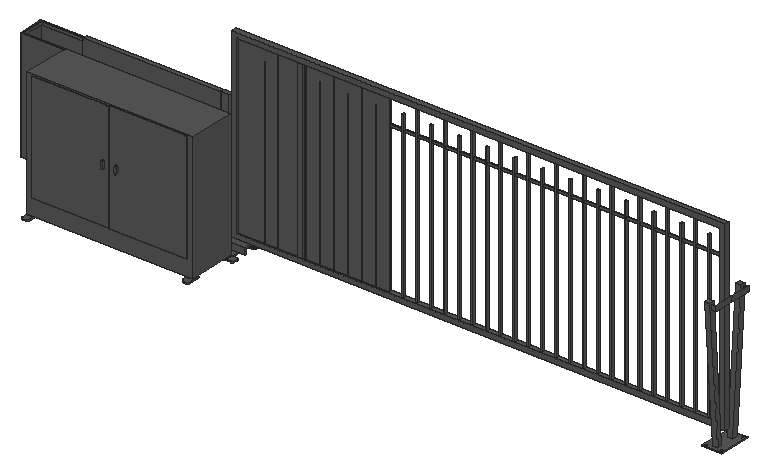
Revit family "1Construction_Fences-&-Traffic-Security_AutoGate_Ohioan-Pivot-Gates", category Specialty Equipment, Revit 2023 (continued)
Definition of nested family "Gate Operator"
  Dimensions and locks (in)
    aligned and locked: plane 5 to Masking region 7 sketch curve
    aligned and locked: plane 5 to Extrusion 12 sketch curve  (x2)
    aligned and locked: Extrusion 15 to plane 11
    aligned and locked: plane 10 to Extrusion 15
    aligned and locked: plane 5 to Extrusion 13 sketch curve  (x2)
    aligned and locked: Extrusion 13 to plane 6
    aligned and locked: plane 10 to Extrusion 13
    aligned and locked: plane 5 to Masking region 5 sketch curve
    aligned and locked: Masking region 5 sketch curve to plane 5
    aligned and locked: Extrusion 11 sketch curve to plane 5  (x2)
    aligned and locked: Extrusion 12 sketch curve to plane 8
    aligned and locked: Extrusion 13 sketch curve to plane 8
    aligned and locked: Extrusion 16 sketch curve to plane 8
    aligned and locked: Extrusion 15 sketch curve to plane 8
  Automatic sketch dimensions
    plane 5 to Extrusion 1 sketch curve = 0.000"
    Extrusion 1 sketch curve to plane 3 "Center (Left/Right)" = 0.000"
    Extrusion 1 sketch curve to plane 6 = 0.000"
    level to Extrusion 1 sketch curve = 0.73989"
    plane 6 to Extrusion 2 sketch curve = 0.3625"  (x2)
    Extrusion 2 sketch curve to plane 5 = 2.17475"
    Extrusion 2 sketch curve to plane 10 = 0.3875"  (x2)
    Extrusion 2 sketch curve to Extrusion 2 sketch curve = 31.175"
    Extrusion 2 sketch curve to Extrusion 2 sketch curve = 0.4005"
    Extrusion 2 sketch curve to plane 3 "Center (Left/Right)" = 2.24975"
    Extrusion 3 sketch curve to Extrusion 2 = 7.64262"
    Extrusion 3 sketch curve to Extrusion 2 = 2.56264"
    Extrusion 3 sketch curve to Extrusion 3 sketch curve = 0.0015"
    Extrusion 3 sketch curve to Extrusion 3 sketch curve = 0.44195"
    Extrusion 3 sketch curve to Extrusion 2 = 1.75907"
    Extrusion 3 sketch curve to Extrusion 3 sketch curve = 0.80123"
    Extrusion 3 sketch curve to Extrusion 3 sketch curve = 0.80273"
    Extrusion 3 sketch curve to Extrusion 3 sketch curve = 4.72071"
    Extrusion 3 sketch curve to Extrusion 2 = 21.08697"
    Extrusion 3 sketch curve to Extrusion 3 sketch curve = 0.000"
    Extrusion 3 sketch curve to Extrusion 3 sketch curve = 1.22848"  (x2)
    Extrusion 3 sketch curve to Extrusion 3 sketch curve = 1.23435"  (x2)
    Extrusion 3 sketch curve to Extrusion 3 sketch curve = 1.2244"
    Extrusion 3 sketch curve to Extrusion 3 sketch curve = 1.21852"
    Extrusion 3 sketch curve to Extrusion 3 sketch curve = 0.31522"  (x4)
    Extrusion 3 sketch curve to Extrusion 3 sketch curve = 0.31672"  (x4)
    Extrusion 4 sketch curve to plane 4 = 0.09995"  (x2)
    plane 5 to Extrusion 4 sketch curve = 0.450"  (x2)
    Extrusion 4 sketch curve to plane 5 = 0.04995"  (x2)
    Extrusion 4 sketch curve to plane 5 = 0.050"
    Extrusion 4 sketch curve to plane 5 = 0.550"
    Extrusion 4 sketch curve to Extrusion 4 sketch curve = 1.000"  (x5)
    Extrusion 4 sketch curve to Extrusion 4 sketch curve = 2.000"
    Extrusion 4 sketch curve to Extrusion 4 sketch curve = 2.00005"  (x2)
    Extrusion 4 sketch curve to Extrusion 4 sketch curve = 0.500"  (x2)
    Extrusion 4 sketch curve to plane 4 = 0.100"
    Extrusion 4 sketch curve to plane 3 "Center (Left/Right)" = 2.625"  (x2)
    plane 4 to Extrusion 4 sketch curve = 0.400"
    Extrusion 4 sketch curve to Extrusion 4 sketch curve = 0.49995"
    Extrusion 4 sketch curve to plane 3 "Center (Left/Right)" = 0.625"
    Extrusion 4 sketch curve to plane 3 "Center (Left/Right)" = 0.125"
    plane 3 "Center (Left/Right)" to Extrusion 4 sketch curve = 0.375"  (x2)
    Extrusion 4 sketch curve to Extrusion 4 sketch curve = 0.125"  (x2)
    Extrusion 4 sketch curve to Extrusion 4 sketch curve = 1.375"  (x2)
    Extrusion 4 sketch curve to plane 4 = 0.600"
    Extrusion 4 sketch curve to Extrusion 4 sketch curve = 0.000"  (x2)
    Extrusion 4 sketch curve to Extrusion 4 sketch curve = 7.750"
    Extrusion 4 sketch curve to Extrusion 4 sketch curve = 13.000"
    Extrusion 4 sketch curve to plane 1 "Center (Front/Back)" = 2.900"  (x2)
    plane 1 "Center (Front/Back)" to Extrusion 4 sketch curve = 1.600"  (x2)
    Extrusion 5 sketch curve to plane 5 = 0.050"  (x2)
    Extrusion 5 sketch curve to Extrusion 5 sketch curve = 0.125"  (x10)
    Extrusion 5 sketch curve to Extrusion 5 sketch curve = 1.810"  (x7)
    Extrusion 5 sketch curve to plane 1 "Center (Front/Back)" = 0.495"
    Extrusion 5 sketch curve to Extrusion 5 sketch curve = 0.000"
    Extrusion 5 sketch curve to plane 3 "Center (Left/Right)" = 2.155"  (x2)
    Extrusion 5 sketch curve to plane 3 "Center (Left/Right)" = 0.220"  (x4)
    Extrusion 5 sketch curve to plane 3 "Center (Left/Right)" = 0.095"  (x2)
    Extrusion 5 sketch curve to plane 1 "Center (Front/Back)" = 0.370"
    Extrusion 5 sketch curve to plane 4 = 13.130"  (x2)
    Extrusion 6 sketch curve to plane 5 = 0.020"
    Extrusion 6 sketch curve to plane 3 "Center (Left/Right)" = 0.095"
    Extrusion 6 sketch curve to plane 4 = 2.130"
    Extrusion 6 sketch curve to plane 4 = 0.070"
    Extrusion 7 sketch curve to plane 5 = 0.020"
    Extrusion 7 sketch curve to Extrusion 7 sketch curve = 2.060"
    Extrusion 7 sketch curve to plane 3 "Center (Left/Right)" = 2.155"
    Extrusion 7 sketch curve to plane 3 "Center (Left/Right)" = 0.095"
    Extrusion 7 sketch curve to plane 4 = 2.130"  (x2)
    Extrusion 7 sketch curve to plane 4 = 0.070"  (x2)
    plane 10 to Extrusion 8 sketch curve = 2.66589"
    Extrusion 8 sketch curve to plane 4 = 9.630"
    Extrusion 8 sketch curve to Extrusion 8 sketch curve = 0.0625"  (x2)
    Extrusion 8 sketch curve to Extrusion 8 sketch curve = 0.250"  (x4)
    plane 10 to Extrusion 8 sketch curve = 3.22839"
    Extrusion 8 sketch curve to plane 4 = 4.1925"
    Extrusion 8 sketch curve to Extrusion 8 sketch curve = 1.6875"  (x2)
    Extrusion 9 sketch curve to plane 3 "Center (Left/Right)" = 7.000"
    Extrusion 9 sketch curve to Extrusion 9 sketch curve = 0.500"  (x3)
    Extrusion 9 sketch curve to Extrusion 9 sketch curve = 3.000"
    Extrusion 9 sketch curve to Extrusion 9 sketch curve = 0.000"
    Extrusion 9 sketch curve to plane 4 = 7.630"
    Extrusion 9 sketch curve to Extrusion 9 sketch curve = 1.000"
    Masking region 1 sketch curve to plane 5 = 0.000"
    plane 1 "Center (Front/Back)" to Masking region 1 sketch curve = 0.000"
    Masking region 1 sketch curve to plane 3 "Center (Left/Right)" = 0.000"
    Masking region 1 sketch curve to plane 5 = 0.020"
    plane 1 "Center (Front/Back)" to Masking region 1 sketch curve = 0.0433"  (x2)
    Masking region 1 sketch curve to plane 5 = 30.2876"
    Masking region 1 sketch curve to Masking region 1 sketch curve = 0.98864"  (x2)
    Masking region 1 sketch curve to Masking region 1 sketch curve = 4.5348"
    Masking region 1 sketch curve to plane 3 "Center (Left/Right)" = 7.000"
    Masking region 1 sketch curve to plane 3 "Center (Left/Right)" = 0.095"
    plane 3 "Center (Left/Right)" to Masking region 1 sketch curve = 4.500"
    Masking region 1 sketch curve to Masking region 1 sketch curve = 0.53784"  (x2)
    Masking region 1 sketch curve to plane 4 = 11.000"
    Masking region 1 sketch curve to Masking region 1 sketch curve = 1.370"
    Masking region 1 sketch curve to plane 4 = 3.630"
    Masking region 1 sketch curve to plane 4 = 2.130"
    Masking region 1 sketch curve to plane 4 = 0.070"
    plane 1 "Center (Front/Back)" to Masking region 2 sketch curve = 0.000"  (x2)
    Masking region 2 sketch curve to plane 5 = 0.000"  (x2)
    Masking region 2 sketch curve to plane 3 "Center (Left/Right)" = 0.000"
    plane 5 to Masking region 2 sketch curve = 0.450"  (x2)
    Masking region 2 sketch curve to plane 5 = 0.04995"  (x3)
    Masking region 2 sketch curve to plane 5 = 0.050"
    Masking region 2 sketch curve to plane 5 = 0.550"
    Masking region 2 sketch curve to Masking region 2 sketch curve = 1.000"  (x6)
    plane 4 to Masking region 2 sketch curve = 0.400"
    Masking region 2 sketch curve to Masking region 2 sketch curve = 2.00005"
    Masking region 2 sketch curve to Masking region 2 sketch curve = 0.62475"
    Masking region 2 sketch curve to plane 5 = 2.550"
    Masking region 2 sketch curve to plane 4 = 0.09995"  (x2)
    Masking region 2 sketch curve to Masking region 2 sketch curve = 0.500"  (x4)
    plane 1 "Center (Front/Back)" to Masking region 2 sketch curve = 0.0433"  (x2)
    Masking region 2 sketch curve to Masking region 2 sketch curve = 0.37525"  (x2)
    Masking region 2 sketch curve to plane 3 "Center (Left/Right)" = 7.000"
    Masking region 2 sketch curve to Masking region 2 sketch curve = 3.000"
    Masking region 2 sketch curve to Masking region 2 sketch curve = 0.000"  (x2)
    Masking region 2 sketch curve to plane 3 "Center (Left/Right)" = 2.625"  (x2)
    Masking region 2 sketch curve to Masking region 2 sketch curve = 0.875"
    Masking region 2 sketch curve to plane 4 = 0.070"
    Masking region 2 sketch curve to Masking region 2 sketch curve = 0.0009"
    Masking region 2 sketch curve to Masking region 2 sketch curve = 0.49905"
    Masking region 2 sketch curve to plane 3 "Center (Left/Right)" = 0.625"
    Masking region 2 sketch curve to plane 3 "Center (Left/Right)" = 0.125"
    Masking region 2 sketch curve to plane 3 "Center (Left/Right)" = 0.095"
    Masking region 2 sketch curve to plane 3 "Center (Left/Right)" = 0.075"
    plane 3 "Center (Left/Right)" to Masking region 2 sketch curve = 0.375"  (x3)
    Masking region 2 sketch curve to Masking region 2 sketch curve = 0.125"  (x2)
    plane 3 "Center (Left/Right)" to Masking region 2 sketch curve = 1.875"  (x2)
    Masking region 2 sketch curve to Masking region 2 sketch curve = 1.375"
    Masking region 2 sketch curve to Masking region 2 sketch curve = 1.5567"
    plane 1 "Center (Front/Back)" to Masking region 2 sketch curve = 1.600"
    Masking region 2 sketch curve to plane 1 "Center (Front/Back)" = 2.400"  (x2)
    Masking region 2 sketch curve to Masking region 2 sketch curve = 13.000"
    Masking region 2 sketch curve to Masking region 2 sketch curve = 13.49755"
    Masking region 2 sketch curve to Masking region 2 sketch curve = 2.10005"
    Masking region 2 sketch curve to Masking region 2 sketch curve = 0.525"
    Masking region 2 sketch curve to Masking region 2 sketch curve = 1.370"
    Masking region 2 sketch curve to Masking region 2 sketch curve = 2.000"  (x2)
    Masking region 2 sketch curve to Masking region 2 sketch curve = 0.905"
    Masking region 2 sketch curve to Masking region 2 sketch curve = 2.03005"
    Masking region 2 sketch curve to Masking region 2 sketch curve = 0.470"
    plane 1 "Center (Front/Back)" to Masking region 3 sketch curve = 0.000"  (x2)
    plane 1 "Center (Front/Back)" to Masking region 3 sketch curve = 0.0433"  (x2)
    Masking region 3 sketch curve to plane 5 = 2.17475"
    Masking region 3 sketch curve to Masking region 3 sketch curve = 31.175"
    Masking region 3 sketch curve to Masking region 3 sketch curve = 0.4005"
    Masking region 3 sketch curve to plane 3 "Center (Left/Right)" = 2.24975"
    plane 1 "Center (Front/Back)" to Extrusion 10 sketch curve = 0.000"
    Extrusion 10 sketch curve to plane 3 "Center (Left/Right)" = 0.000"
    Extrusion 10 sketch curve to plane 5 = 0.020"
    Extrusion 10 sketch curve to plane 4 = 0.070"
    plane 1 "Center (Front/Back)" to Masking region 4 sketch curve = 0.000"
    Masking region 4 sketch curve to plane 3 "Center (Left/Right)" = 0.000"
    Masking region 4 sketch curve to plane 5 = 0.020"
    Masking region 4 sketch curve to plane 4 = 0.070"
    Extrusion 14 sketch curve to plane 4 = 11.750"
    Extrusion 14 sketch curve to plane 4 = 1.380"
    Masking region 7 sketch curve to plane 1 "Center (Front/Back)" = 18.750"
    Masking region 7 sketch curve to Masking region 7 sketch curve = 10.370"
    Masking region 5 sketch curve to plane 13 = 6.51859"
    Masking region 5 sketch curve to Masking region 5 sketch curve = 1.78035"  (x2)
    Masking region 5 sketch curve to Masking region 5 sketch curve = 0.050"  (x2)
    Masking region 5 sketch curve to plane 4 = 0.42288"
    Extrusion 11 sketch curve to plane 13 = 6.51859"
    Extrusion 11 sketch curve to Extrusion 11 sketch curve = 1.78035"
    Extrusion 11 sketch curve to Extrusion 11 sketch curve = 0.050"  (x2)
    Extrusion 11 sketch curve to plane 4 = 2.25324"
    Extrusion 11 sketch curve to plane 4 = 0.42288"
    Extrusion 12 sketch curve to plane 13 = 5.185"
    Extrusion 12 sketch curve to Extrusion 12 sketch curve = 0.750"  (x2)
    Extrusion 12 sketch curve to plane 15 = 2.060"
    Extrusion 13 sketch curve to plane 7 = 1.200"
    Extrusion 13 sketch curve to plane 13 = 5.285"
    Extrusion 13 sketch curve to Extrusion 13 sketch curve = 0.100"  (x2)
    Extrusion 13 sketch curve to plane 15 = 1.310"
    Extrusion 16 sketch curve to plane 5 = 0.000"  (x2)
    Extrusion 16 sketch curve to plane 13 = 5.185"
    Extrusion 16 sketch curve to Extrusion 16 sketch curve = 0.750"  (x2)
    Extrusion 16 sketch curve to plane 15 = 2.060"
    Extrusion 15 sketch curve to plane 5 = 0.000"  (x2)
    Extrusion 15 sketch curve to plane 13 = 5.185"
    Extrusion 15 sketch curve to Extrusion 15 sketch curve = 0.750"  (x2)
    Extrusion 15 sketch curve to plane 15 = 2.060"
    Masking region 6 sketch curve to plane 5 = 0.000"  (x2)
    Masking region 6 sketch curve to plane 13 = 5.285"
    Masking region 6 sketch curve to Masking region 6 sketch curve = 0.850"  (x2)
    Masking region 6 sketch curve to plane 15 = 2.060"
Definition of nested family "Poles"
  Parameters (values of type "Poles")
    Material = none
    Height 2 = if(Finials = 1, Height - 4.500", Height - 10.000")  # 58.500"
    Height = 63.000"
    Finials = 1
    Default Elevation = 0.000"
  Reference planes (in)
    plane 1 "Center (Front/Back)": y = 0
    plane 2: z = 0
    plane 3 "Center (Left/Right)": x = 0
    plane 4: z = 63
    plane 5: z = 58.5
  Forms (in)
    Extrusion 1, solid, material <- "Material", detail levels medium+fine
      sketch origin (0, 0, 0) x (1, 0, 0) y (0, 1, 0)
        loop
          line (0, 0.375) -> (0, -0.375) -> (0.75, -0.375) -> (0.75, 0.375) -> (0, 0.375)
      from 0 to 63
    Extrusion 2, solid, material <- "Material", detail levels medium+fine
      sketch origin (1, 0, 0) x (1, 0, 0) y (0, 1, 0)
        loop
          line (4.75, 0.375) -> (4.75, -0.375) -> (5.5, -0.375) -> (5.5, 0.375) -> (4.75, 0.375)
      from 0 to 58.5
  Dimensions and locks (in)
    "Height": plane 4 to plane 2
    "Height 2": plane 5 to plane 2
    aligned and locked: level to plane 2
    aligned and locked: plane 4 to Extrusion 1
    aligned and locked: Extrusion 1 to plane 2
    aligned and locked: Extrusion 2 to plane 2
    aligned and locked: Extrusion 1 to plane 4
    aligned and locked: plane 5 to Extrusion 2
  Automatic sketch dimensions
    Extrusion 1 sketch curve to plane 3 "Center (Left/Right)" = 0.000"
    Extrusion 1 sketch curve to Extrusion 1 sketch curve = 0.750"
    plane 1 "Center (Front/Back)" to Extrusion 1 sketch curve = 0.375"
    Extrusion 1 sketch curve to plane 1 "Center (Front/Back)" = 0.375"
    plane 1 "Center (Front/Back)" to Extrusion 2 sketch curve = 0.375"
    plane 3 "Center (Left/Right)" to Extrusion 2 sketch curve = 5.750"
    Extrusion 2 sketch curve to Extrusion 2 sketch curve = 0.750"
    Extrusion 2 sketch curve to plane 1 "Center (Front/Back)" = 0.375"
Types (3): name | z_Vertical Profile Position | z_Type Index | z_Pole Height | z_Distance Between Poles | z_No of Poles | z_Mesh End Position | Operator to Yoke Length | Model | Length Input | Length | Height Input | Height
  (no name) | 28.8125" | 1 | 71.000" | 4.78125" | 17 | 63.40625" | 195.600" | "Ohioan - VPG with Finials" | 200.000" | 200.000" | 80.000" | 80.000"
  Ohioan VPG with Finials | 28.8125" | 1 | 71.000" | 4.78125" | 17 | 63.40625" | 195.600" | "Ohioan - VPG with Finials" | 200.000" | 200.000" | 80.000" | 80.000"
  Ohioan VPG w/o Finials | 29.250" | 2 | 63.000" | 5.000" | 16 | 64.500" | 187.600" | "Ohoian - VPG w/o Finials" | 192.000" | 192.000" | 72.000" | 72.000"
